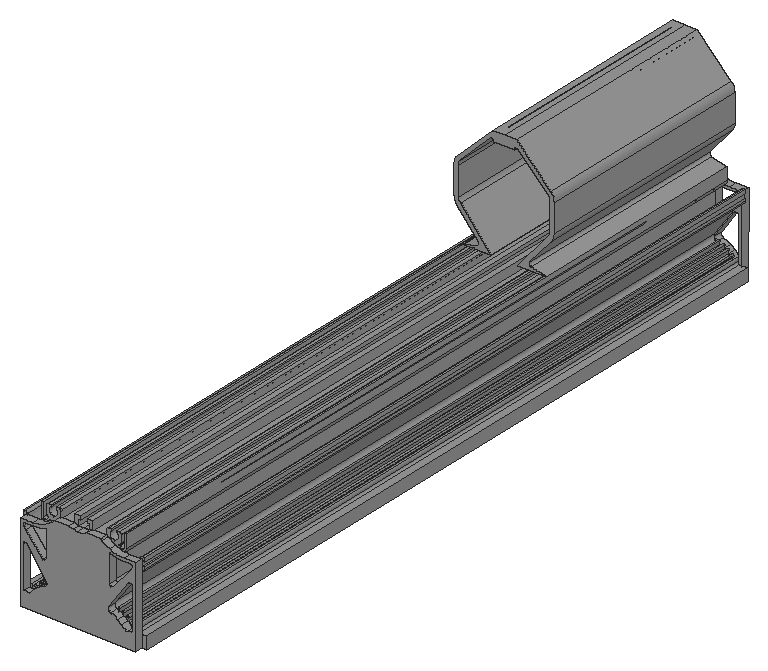
Revit family "L-street 24 Standart", category Осветительные приборы, Revit 2017 (continued)
Types (7, lengths in mm): name | built-in parameter 1150134 | Файл фотометрической сетки | built-in parameter 1150105 | Lumens | built-in parameter 1150106 | built-in parameter 1150142 | Wattage | built-in parameter 1150107 | Артикул
    08.164 1747.117 1770.316 1768.025 1760.292 1766.879 1781.772 1788.933 1742.247 1484.476 1009.032 603.758 398.114 286.413\r\n 198.198 124.017 71.031 49.263 41.53 36.947 33.224 28.928 0.00 0.00 0.00 0.00 0.00 0.00 0.00 0.00 0.00 0.00 0.00 0.00 0.00 0.00 \r\n0.00 0.00 0.00 0.00 0.00 0.00 0.00 0.00 0.00 0.00 0.00 0.00 0.00 0.00 0.00 0.00 0.00 0.00 0.00 0.00 0.00 0.00\r\n1229.747 1257.351 1285.419 1315.206 1347.284 1381.081 1415.451 1448.674 1479.034 1507.675 1536.317 1564.958 1593.026 1623.959 \r\n1657.183 1695.562 1741.388 1779.767 1790.651 1781.486 1783.204 1805.544 1842.778 1871.419 1782.63 1359.313 800.808 478.309 317.918 \r\n211.945 136.332 76.186 50.409 42.962 38.952 34.942 30.36 0.00 0.00 0.00 0.00 0.00 0.00 0.00 0.00 0.00 0.00 0.00 0.00 0.00 0.00 0.00\r\n 0.00 0.00 0.00 0.00 0.00 0.00 0.00 0.00 0.00 0.00 0.00 0.00 0.00 0.00 0.00 0.00 0.00 0.00 0.00 0.00 0.00\r\n1229.747 1257.638 1284.56 1312.629 1343.561 1376.785 1411.441 1443.805 1473.593 1501.947 1531.162 1559.23 1585.866 1614.794 \r\n1645.727 1681.242 1723.917 1767.165 1794.661 1799.244 1801.535 1815.282 1844.497 1885.74 1877.148 1643.435 1200.641 755.557 432.483\r\n 248.033 147.503 79.623 53.56 46.399 42.103 38.093 32.651 0.00 0.00 0.00 0.00 0.00 0.00 0.00 0.00 0.00 0.00 0.00 0.00 0.00 0.00 \r\n0.00 0.00 0.00 0.00 0.00 0.00 0.00 0.00 0.00 0.00 0.00 0.00 0.00 0.00 0.00 0.00 0.00 0.00 0.00 0.00 0.00 0.00\r\n1229.747 1257.924 1283.701 1310.051 1339.838 1372.489 1407.431 1438.936 1468.151 1496.219 1526.006 1553.501 1578.706 1605.629 \r\n1634.27 1666.921 1706.446 1754.563 1798.671 1817.001 1819.865 1825.02 1846.215 1900.061 1971.664 1927.555 1600.471 1032.803 547.047\r\n 284.121 158.673 83.06 56.71 49.836 45.253 41.243 34.942 0.00 0.00 0.00 0.00 0.00 0.00 0.00 0.00 0.00 0.00 0.00 0.00 0.00 0.00 0.00\r\n 0.00 0.00 0.00 0.00 0.00 0.00 0.00 0.00 0.00 0.00 0.00 0.00 0.00 0.00 0.00 0.00 0.00 0.00 0.00 0.00 0.00\r\n1229.747 1258.211 1281.41 1306.614 1334.683 1365.902 1399.698 1431.776 1461.277 1489.918 1519.992 1547.20 1571.546 1596.75 1622.241\r\n 1649.164 1680.955 1720.767 1764.588 1798.671 1818.147 1829.603 1841.06 1868.842 1920.683 1941.304 1780.627 1385.378 903.918 \r\n493.489 211.373 82.201 57.569 55.278 51.268 45.826 38.093 0.00 0.00 0.00 0.00 0.00 0.00 0.00 0.00 0.00 0.00 0.00 0.00 0.00 0.00 \r\n0.00 0.00 0.00 0.00 0.00 0.00 0.00 0.00 0.00 0.00 0.00 0.00 0.00 0.00 0.00 0.00 0.00 0.00 0.00 0.00 0.00 0.00\r\n1229.747 1258.497 1279.118 1303.177 1329.527 1359.314 1391.965 1424.616 1454.403 1483.617 1513.977 1540.899 1564.385 1587.871 \r\n1610.211 1631.406 1655.464 1686.97 1730.504 1780.34 1816.428 1834.186 1835.904 1837.623 1869.701 1955.052 1960.779 1737.949 \r\n1260.786 702.855 264.072 81.341 58.428 60.719 57.283 50.409 41.243 0.00 0.00 0.00 0.00 0.00 0.00 0.00 0.00 0.00 0.00 0.00 0.00 0.00\r\n 0.00 0.00 0.00 0.00 0.00 0.00 0.00 0.00 0.00 0.00 0.00 0.00 0.00 0.00 0.00 0.00 0.00 0.00 0.00 0.00 0.00 0.00 0.00\r\n1229.747 1259.643 1279.118 1301.459 1326.949 1356.45 1388.242 1419.174 1447.243 1475.598 1503.953 1529.443 1551.497 1574.123 \r\n1594.745 1612.789 1631.406 1655.178 1687.829 1726.781 1763.156 1791.224 1804.972 1808.695 1817.288 1858.818 1882.59 1747.403 \r\n1382.80 869.262 319.923 77.904 53.846 61.292 58.715 51.841 41.243 0.00 0.00 0.00 0.00 0.00 0.00 0.00 0.00 0.00 0.00 0.00 0.00 0.00 \r\n0.00 0.00 0.00 0.00 0.00 0.00 0.00 0.00 0.00 0.00 0.00 0.00 0.00 0.00 0.00 0.00 0.00 0.00 0.00 0.00 0.00 0.00 0.00\r\n1229.747 1260.788 1279.118 1299.74 1324.371 1353.586 1384.518 1413.732 1440.082 1467.578 1493.928 1517.986 1538.608 1560.375 \r\n1579.279 1594.172 1607.347 1623.386 1645.153 1673.222 1709.883 1748.262 1774.039 1779.767 1764.874 1762.584 1804.399 1756.854 \r\n1504.81 1035.667 375.773 74.467 49.263 61.865 60.147 53.273 41.243 0.00 0.00 0.00 0.00 0.00 0.00 0.00 0.00 0.00 0.00 0.00 0.00 0.00\r\n 0.00 0.00 0.00 0.00 0.00 0.00 0.00 0.00 0.00 0.00 0.00 0.00 0.00 0.00 0.00 0.00 0.00 0.00 0.00 0.00 0.00 0.00 0.00\r\n1229.747 1261.075 1276.827 1296.017 1320.075 1348.144 1378.217 1406.572 1432.922 1460.131 1486.195 1509.967 1530.589 1550.637 \r\n1567.823 1579.279 1590.162 1602.192 1616.512 1633.124 1655.751 1680.955 1701.004 1712.747 1713.606 1713.32 1720.194 1662.625 \r\n1457.84 989.556 353.433 76.186 50.409 65.589 66.448 60.433 47.831 0.00 0.00 0.00 0.00 0.00 0.00 0.00 0.00 0.00 0.00 0.00 0.00 0.00 \r\n0.00 0.00 0.00 0.00 0.00 0.00 0.00 0.00 0.00 0.00 0.00 0.00 0.00 0.00 0.00 0.00 0.00 0.00 0.00 0.00 0.00 0.00 0.00\r\n1229.747 1261.361 1274.536 1292.293 1315.779 1342.702 1371.916 1399.412 1425.761 1452.684 1478.461 1501.947 1522.569 1540.899 \r\n1556.366 1564.385 1572.977 1580.997 1587.871 1593.026 1601.619 1613.648 1627.969 1645.726 1662.338 1664.057 1635.989 1568.396 \r\n1410.868 943.443 331.093 77.904 51.554 69.312 72.749 67.593 54.418 0.00 0.00 0.00 0.00 0.00 0.00 0.00 0.00 0.00 0.00 0.00 0.00 0.00\r\n 0.00 0.00 0.00 0.00 0.00 0.00 0.00 0.00 0.00 0.00 0.00 0.00 0.00 0.00 0.00 0.00 0.00 0.00 0.00 0.00 0.00 0.00 0.00\r\n1229.747 1261.361 1272.818 1289.143 1311.77 1337.26 1364.469 1390.533 1416.023 1442.087 1466.432 1488.486 1508.249 1526.006 \r\n1538.608 1545.196 1551.21 1556.652 1560.089 1561.235 1562.094 1562.953 1566.677 1572.978 1577.274 1578.133 1553.215 1466.719 \r\n1292.58 765.295 233.14 69.026 61.292 71.603 70.744 65.302 51.841 0.00 0.00 0.00 0.00 0.00 0.00 0.00 0.00 0.00 0.00 0.00 0.00 0.00 \r\n0.00 0.00 0.00 0.00 0.00 0.00 0.00 0.00 0.00 0.00 0.00 0.00 0.00 0.00 0.00 0.00 0.00 0.00 0.00 0.00 0.00 0.00 0.00\r\n1229.747 1261.361 1271.099 1285.992 1307.76 1331.818 1357.022 1381.654 1406.285 1431.49 1454.403 1475.024 1493.928 1511.112 1520.85\r\n 1526.006 1529.443 1532.307 1532.307 1529.443 1522.569 1512.258 1505.384 1500.229 1492.209 1492.209 1470.442 1365.042 1174.291 \r\n587.146 135.187 60.147 71.03 73.894 68.739 63.011 49.263 0.00 0.00 0.00 0.00 0.00 0.00 0.00 0.00 0.00 0.00 0.00 0.00 0.00 0.00 0.00\r\n 0.00 0.00 0.00 0.00 0.00 0.00 0.00 0.00 0.00 0.00 0.00 0.00 0.00 0.00 0.00 0.00 0.00 0.00 0.00 0.00 0.00\r\n1229.747 1261.361 1269.094 1282.269 1300.886 1323.226 1346.998 1370.198 1393.683 1418.029 1439.796 1460.704 1479.035 1495.073 \r\n1503.666 1506.53 1507.962 1507.962 1505.671 1500.515 1491.35 1479.607 1469.583 1457.267 1439.796 1427.767 1389.674 1272.817 \r\n1071.756 507.81 121.153 62.725 73.322 74.754 69.312 63.584 49.836 0.00 0.00 0.00 0.00 0.00 0.00 0.00 0.00 0.00 0.00 0.00 0.00 0.00 \r\n0.00 0.00 0.00 0.00 0.00 0.00 0.00 0.00 0.00 0.00 0.00 0.00 0.00 0.00 0.00 0.00 0.00 0.00 0.00 0.00 0.00 0.00 0.00\r\n1229.747 1261.361 1267.089 1278.545 1294.012 1314.633 1336.974 1358.741 1381.081 1404.567 1425.189 1446.383 1464.141 1479.034 \r\n1486.481 1487.054 1486.481 1483.617 1479.034 1471.587 1460.131 1446.956 1433.781 1414.305 1387.382 1363.324 1308.905 1180.592 \r\n969.22 428.473 107.118 65.302 75.613 75.613 69.885 64.156 50.409 0.00 0.00 0.00 0.00 0.00 0.00 0.00 0.00 0.00 0.00 0.00 0.00 0.00 \r\n0.00 0.00 0.00 0.00 0.00 0.00 0.00 0.00 0.00 0.00 0.00 0.00 0.00 0.00 0.00 0.00 0.00 0.00 0.00 0.00 0.00 0.00 0.00\r\n1229.747 1261.361 1265.657 1274.249 1288.857 1307.473 1328.095 1348.144 1369.052 1390.533 1409.436 1428.339 1444.379 1457.267 \r\n1464.427 1464.714 1462.995 1461.277 1456.408 1448.102 1436.073 1423.184 1408.577 1387.382 1360.173 1333.537 1267.089 1123.31 \r\n889.311 355.725 92.225 66.448 74.754 72.463 67.021 61.292 47.831 0.00 0.00 0.00 0.00 0.00 0.00 0.00 0.00 0.00 0.00 0.00 0.00 0.00 \r\n0.00 0.00 0.00 0.00 0.00 0.00 0.00 0.00 0.00 0.00 0.00 0.00 0.00 0.00 0.00 0.00 0.00 0.00 0.00 0.00 0.00 0.00 0.00\r\n1229.747 1261.361 1264.225 1269.953 1283.701 1300.313 1319.216 1337.546 1357.022 1376.499 1393.683 1410.295 1424.616 1435.499 \r\n1442.373 1442.373 1439.509 1438.936 1433.781 1424.616 1412.014 1399.412 1383.372 1360.459 1332.964 1303.75 1225.273 1066.027 \r\n809.402 282.976 77.331 67.593 73.894 69.312 64.156 58.428 45.253 0.00 0.00 0.00 0.00 0.00 0.00 0.00 0.00 0.00 0.00 0.00 0.00 0.00 \r\n0.00 0.00 0.00 0.00 0.00 0.00 0.00 0.00 0.00 0.00 0.00 0.00 0.00 0.00 0.00 0.00 0.00 0.00 0.00 0.00 0.00 0.00 0.00\r\n1229.747 1263.652 1265.084 1269.953 1282.269 1297.735 1314.634 1331.818 1349.862 1367.62 1384.518 1399.984 1412.873 1422.897 \r\n1427.194 1426.621 1424.616 1424.043 1420.033 1412.587 1402.276 1391.965 1377.644 1356.736 1330.959 1301.745 1229.569 1082.639 \r\n837.757 342.836 100.244 61.579 67.593 69.599 66.734 61.292 48.404 0.00 0.00 0.00 0.00 0.00 0.00 0.00 0.00 0.00 0.00 0.00 0.00 0.00 \r\n0.00 0.00 0.00 0.00 0.00 0.00 0.00 0.00 0.00 0.00 0.00 0.00 0.00 0.00 0.00 0.00 0.00 0.00 0.00 0.00 0.00 0.00 0.00\r\n1229.747 1265.943 1265.943 1269.953 1280.837 1295.157 1310.051 1326.09 1342.702 1358.741 1375.353 1389.673 1401.13 1410.295 \r\n1412.014 1410.868 1409.722 1409.15 1406.285 1400.557 1392.538 1384.518 1371.916 1353.013 1328.954 1299.74 1233.865 1099.251 866.111\r\n 402.696 123.157 55.564 61.292 69.885 69.312 64.156 51.554 0.00 0.00 0.00 0.00 0.00 0.00 0.00 0.00 0.00 0.00 0.00 0.00 0.00 0.00 \r\n0.00 0.00 0.00 0.00 0.00 0.00 0.00 0.00 0.00 0.00 0.00 0.00 0.00 0.00 0.00 0.00 0.00 0.00 0.00 0.00 0.00 0.00" | 28.7797 W | 4000 (stored number, unit not read) | "411103828741500"
  L-street 24 Standart 4.0K Д | 12 | "L-street 24-23-D-4.0K-01 Standart.ies" | 342.66 (stored number, unit not read) | 4306 lm | 3.4266 (stored number, unit not read) | "ISNA:LM-63-1995\r\n[TEST]LEDEL\r\n[DATA]28.11.2018\r\n[MANUFAC]LEDEL\r\n[LUMCAT]L-street 24/24/Д/4.0К/01 Standart\r\n[LUMINAIRE]Для освещения городских улиц, придомовых территорий, парков и пр\r\n[LAMPCAT]LED\r\n[LAMP]OSRAM\r\nTILT=NONE\r\n\r\n1 3125 0.913207 37 10 1 2 0.533 0.083 0.148\r\n\r\n1 1 24\r\n\r\n 0 2.5 5 7.5 10 12.5 15 17.5 20 22.5 25 27.5 30 32.5 35 37.5 40 42.5 45 47.5\r\n 50 52.5 55 57.5 60 62.5 65 67.5 70 72.5 75 77.5 80 82.5 85 87.5 90\r\n\r\n  0 10 20 30 40 50 60 70 80 90\r\n\r\n  1159 1159 1159 1156 1152 1146 1135 1123 1108 1091 1071 1048 1023 996 965\r\n  935 900 864 826 787 746 702 656 605 551 492 379 261 188 122\r\n  60 32 23 22 22 20 14\r\n  1159 1162 1159 1158 1155 1147 1137 1125 1111 1093 1073 1050 1025 999 970\r\n  940 906 872 833 792 751 707 660 609 557 501 403 274 194 132\r\n  66 32 23 22 20 19 13\r\n  1159 1159 1159 1158 1155 1147 1138 1125 1111 1095 1074 1051 1026 1002 972\r\n  940 909 872 832 791 748 702 653 601 544 486 409 248 173 131\r\n  47 28 26 22 19 16 11\r\n  1159 1162 1159 1158 1155 1149 1139 1129 1113 1097 1076 1055 1031 1005 975\r\n  946 912 876 838 798 754 709 660 609 557 503 447 371 244 162\r\n  105 49 28 22 20 19 14\r\n  1158 1159 1159 1158 1155 1149 1141 1131 1116 1101 1084 1064 1041 1016 987\r\n  957 923 887 850 810 766 719 671 619 567 513 457 399 328 218\r\n  138 81 39 23 20 19 14\r\n  1158 1159 1159 1157 1155 1149 1140 1129 1115 1099 1083 1064 1041 1016 988\r\n  955 921 887 847 808 765 721 670 618 564 511 453 391 331 271\r\n  181 107 56 28 19 16 14\r\n  1158 1159 1159 1158 1155 1149 1141 1131 1117 1103 1085 1066 1046 1023 997\r\n  966 934 898 859 818 777 734 686 634 578 520 460 402 345 288\r\n  231 170 102 53 25 15 13\r\n  1158 1159 1159 1158 1155 1149 1141 1131 1117 1104 1087 1066 1045 1020 995\r\n  966 934 899 863 821 779 736 683 625 568 515 457 398 338 275\r\n  216 165 119 71 34 16 13\r\n  1159 1159 1158 1156 1152 1147 1138 1129 1116 1101 1084 1065 1043 1017 991\r\n  963 931 898 862 822 781 732 677 627 578 526 462 399 337 273\r\n  215 162 114 71 41 21 13\r\n  1158 1158 1158 1155 1150 1145 1135 1125 1114 1099 1082 1062 1039 1014 986\r\n  957 927 895 859 820 776 719 665 615 566 509 443 388 325 266\r\n  207 152 104 64 34 18 12\r\n " | 28.9884 W | 4000 (stored number, unit not read) | ""
  L-street 24 Standart 5.0K Д | 2 | "L-street 24-23-D-5.0K-01 Standart.ies" | 342.66 (stored number, unit not read) | 4306 lm | 3.4266 (stored number, unit not read) | "ISNA:LM-63-1995\r\n[TEST]LEDEL\r\n[DATA]28.11.2018\r\n[MANUFAC]LEDEL\r\n[LUMCAT]L-street 24/24/Д/5.0К/01 Standart\r\n[LUMINAIRE]Для освещения городских улиц, придомовых территорий, парков и пр\r\n[LAMPCAT]LED\r\n[LAMP]OSRAM\r\nTILT=NONE\r\n\r\n1 3125 0.913207 37 10 1 2 0.533 0.083 0.148\r\n\r\n1 1 24\r\n\r\n 0 2.5 5 7.5 10 12.5 15 17.5 20 22.5 25 27.5 30 32.5 35 37.5 40 42.5 45 47.5\r\n 50 52.5 55 57.5 60 62.5 65 67.5 70 72.5 75 77.5 80 82.5 85 87.5 90\r\n\r\n  0 10 20 30 40 50 60 70 80 90\r\n\r\n  1159 1159 1159 1156 1152 1146 1135 1123 1108 1091 1071 1048 1023 996 965\r\n  935 900 864 826 787 746 702 656 605 551 492 379 261 188 122\r\n  60 32 23 22 22 20 14\r\n  1159 1162 1159 1158 1155 1147 1137 1125 1111 1093 1073 1050 1025 999 970\r\n  940 906 872 833 792 751 707 660 609 557 501 403 274 194 132\r\n  66 32 23 22 20 19 13\r\n  1159 1159 1159 1158 1155 1147 1138 1125 1111 1095 1074 1051 1026 1002 972\r\n  940 909 872 832 791 748 702 653 601 544 486 409 248 173 131\r\n  47 28 26 22 19 16 11\r\n  1159 1162 1159 1158 1155 1149 1139 1129 1113 1097 1076 1055 1031 1005 975\r\n  946 912 876 838 798 754 709 660 609 557 503 447 371 244 162\r\n  105 49 28 22 20 19 14\r\n  1158 1159 1159 1158 1155 1149 1141 1131 1116 1101 1084 1064 1041 1016 987\r\n  957 923 887 850 810 766 719 671 619 567 513 457 399 328 218\r\n  138 81 39 23 20 19 14\r\n  1158 1159 1159 1157 1155 1149 1140 1129 1115 1099 1083 1064 1041 1016 988\r\n  955 921 887 847 808 765 721 670 618 564 511 453 391 331 271\r\n  181 107 56 28 19 16 14\r\n  1158 1159 1159 1158 1155 1149 1141 1131 1117 1103 1085 1066 1046 1023 997\r\n  966 934 898 859 818 777 734 686 634 578 520 460 402 345 288\r\n  231 170 102 53 25 15 13\r\n  1158 1159 1159 1158 1155 1149 1141 1131 1117 1104 1087 1066 1045 1020 995\r\n  966 934 899 863 821 779 736 683 625 568 515 457 398 338 275\r\n  216 165 119 71 34 16 13\r\n  1159 1159 1158 1156 1152 1147 1138 1129 1116 1101 1084 1065 1043 1017 991\r\n  963 931 898 862 822 781 732 677 627 578 526 462 399 337 273\r\n  215 162 114 71 41 21 13\r\n  1158 1158 1158 1155 1150 1145 1135 1125 1114 1099 1082 1062 1039 1014 986\r\n  957 927 895 859 820 776 719 665 615 566 509 443 388 325 266\r\n  207 152 104 64 34 18 12\r\n " | 28.9884 W | 5000 (stored number, unit not read) | ""
